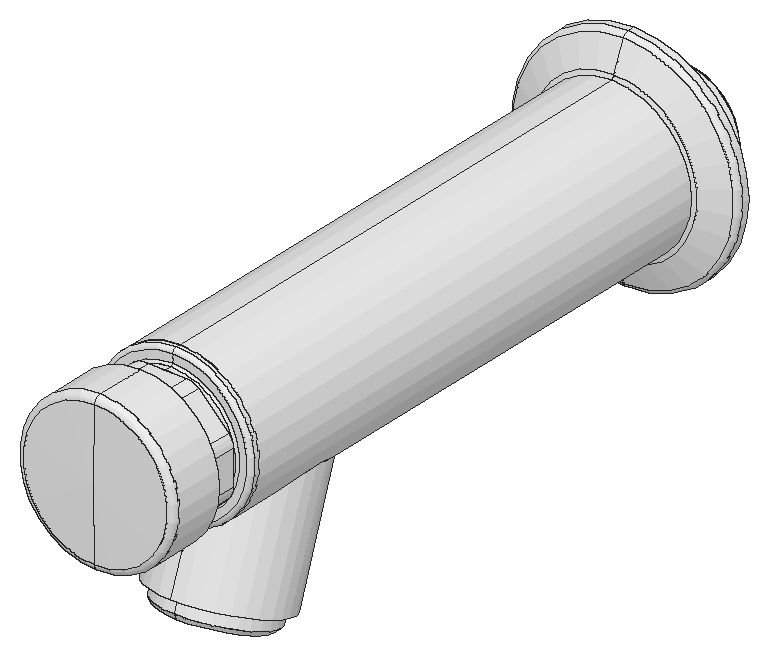
Revit family "rba-bim-rba1053-600", category Plumbing Fixtures, Revit 2018
Family settings
  Round Connector Dimension = Use Diameter
  Part Type = Normal
  Work Plane-Based = Yes
  Always vertical = Yes
  Cut with Voids When Loaded = No
  Shared = Yes
  Room Calculation Point = No
Parameters (values of type "RBA1053-600")
  URL = "http://www.rba.com.au/tapware/wall-mounted"
  Type Comments = ""
  Tap = Polished Chrome Finish
  Spout Length [instance] = 40.000 mm
  Phone # = "1300 788 778"
  Modified Issue = "20200715.01"
  Model = "RBA1053-600"
  Manufacturer = "DOCOL"
  Keynote = "Self Closing Push Tap"
  Description = "6 Star WELS, without control valve"
  Default Elevation = 1219.200 mm
  Connection = "G1/2B"
Reference planes
  plane 1 "Center (Front/Back)": y = 0
  plane 2: z = 0
  plane 3 "Center (Left/Right)": x = 0
  plane 4: z = 0
  plane 5: y = -148
  plane 6: z = 17.25
  plane 7: z = -17.25
  plane 8: through (0, -100.632, -0.525) normal (0, -0.9397, 0.342)
  plane 9: y = -115
  plane 10: z = -40
  plane 11: through (0, -86.307, -2.099) normal (0, -0.9397, 0.342)
  plane 12: through (0, -112.618, 7.477) normal (0, -0.9397, 0.342)
  plane 13: x = -14
  plane 14: x = 14
Forms (mm)
  Revolve 1, solid, material "Polished Chrome Finish" <- "Tap"
    sketch origin (0, 0, 0) x (0, 1, 0) y (0, 0, 1)
      loop
        line (-0.398, 0) -> (14, 0) -> (14, 11.708) -> (13, 11.708) -> (12.043, 13.52) -> (11.086, 11.708) -> (10.129, 13.52) -> (9.172, 11.708) -> (8.214, 13.52) -> (7.258, 11.708) -> (6.3, 13.52) -> (5.344, 11.708) -> (4.386, 13.52) -> (3.43, 11.708) -> (2.472, 13.52) -> (1.516, 11.708) -> (0.558, 13.52) -> (-0.398, 11.708) -> (-0.398, 0)
      axis (-0.398, 0) -> (14, 0)
    angle from 0 to 360
  Extrusion 2, solid, material "Polished Chrome Finish" <- "Tap"
    sketch origin (-153.566, -52.643, 213.076) x (-1, 0, 0) y (0, 0, -1)
      loop
        arc (-168.324, 209.223) -> (-167.994, 207.875) -> (-167.275, 206.689) r 4.564
        line (-167.275, 206.689) -> (-160.729, 200.143)
        arc (-160.729, 200.143) -> (-159.542, 199.423) -> (-158.194, 199.093) r 4.564
        line (-158.194, 199.093) -> (-149.734, 199.093)
        arc (-149.734, 199.093) -> (-147.964, 199.287) -> (-146.403, 200.143) r 4.564
        line (-146.403, 200.143) -> (-139.857, 206.689)
        arc (-139.857, 206.689) -> (-139.137, 207.875) -> (-138.807, 209.223) r 4.564
        line (-138.807, 209.223) -> (-138.807, 216.946)
        arc (-138.807, 216.946) -> (-139.137, 218.294) -> (-139.857, 219.48) r 4.564
        line (-139.857, 219.48) -> (-146.403, 226.026)
        arc (-146.403, 226.026) -> (-147.589, 226.746) -> (-148.937, 227.076) r 4.564
        line (-148.937, 227.076) -> (-158.194, 227.076)
        arc (-158.194, 227.076) -> (-159.542, 226.746) -> (-160.729, 226.026) r 4.564
        line (-160.729, 226.026) -> (-167.275, 219.48)
        arc (-167.275, 219.48) -> (-167.994, 218.294) -> (-168.324, 216.946) r 4.564
        line (-168.324, 216.946) -> (-168.324, 209.223)
    from 75.673 to 82.673
  Revolve 3, solid, material "Polished Chrome Finish" <- "Tap"
    sketch origin (0, -57.198, 0) x (0, 0, 1) y (0, 1, 0)
      loop
        line (-17.25, -67.118) -> (-17.25, -68.118)
        arc (-17.25, -68.118) -> (-16.957, -68.825) -> (-16.25, -69.118) r 1
        line (-16.25, -69.118) -> (-14.5, -69.118)
        arc (-14.5, -69.118) -> (-14.146, -69.265) -> (-14, -69.618) r 0.5
        line (-14, -69.618) -> (-14, -71.118) -> (0, -71.118) -> (0, -67.118) -> (-17.25, -67.118)
      axis (0, -67.118) -> (0, -71.118)
    angle from 0 to 360
  Revolve 4, solid, material "Polished Chrome Finish" <- "Tap"
    sketch origin (0, 0, 0) x (0, 1, 0) y (0, 0, 1)
      loop
        line (0, 0) -> (0, 25) -> (-1.561, 25)
        arc (-1.561, 25) -> (-2.36, 24.759) -> (-2.892, 24.115) r 1.444
        line (-2.892, 24.115) -> (-5.641, 18.225)
        arc (-5.641, 18.225) -> (-5.838, 17.746) -> (-5.991, 17.25) r 5.662
        line (-5.991, 17.25) -> (-124.317, 17.25) -> (-124.317, 0) -> (0, 0)
      axis (-124.317, 0) -> (0, 0)
    angle from 0 to 360
  Revolve 5, solid, material "Polished Chrome Finish" <- "Tap"
    sketch origin (0, 0, 0) x (0, 1, 0) y (0, 0, 1)
      loop
        line (-135.317, -0.009) -> (-135.317, 17.25) -> (-146.219, 17.25)
        arc (-146.219, 17.25) -> (-147.279, 16.812) -> (-147.719, 15.752) r 1.5
        line (-147.719, 15.752) -> (-147.994, -0.009) -> (-135.317, -0.009)
      axis (-135.317, -0.009) -> (-147.994, -0.009)
    angle from 0 to 360
  Revolve 6, solid, material "Polished Chrome Finish" <- "Tap"
    sketch origin (0, -0.383, -0.525) x (0, 1, 0) y (0, 0, 1)
      loop
        line (-114.617, -39.475) -> (-104.295, -43.232) -> (-103.016, -42.635) -> (-102.073, -40.045) -> (-100.177, -40.735) -> (-87.093, -4.788) -> (-100.249, 0) -> (-114.617, -39.475)
      axis (-114.617, -39.475) -> (-100.249, 0)
    angle from 0 to 360
Cuts and joins
  joined: Revolve 4, Revolve 6
